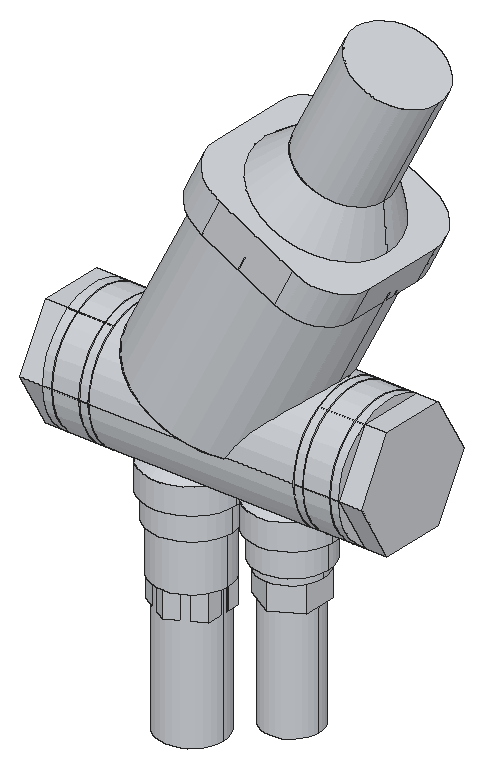
Revit family "Sigma_Compact_DN015 LF_s vyp_RFA_2018", category Pipe Accessories, Revit 2018
Family settings
  Round Connector Dimension = Use Diameter
  Part Type = Valve - Breaks Into
  Work Plane-Based = No
  Always vertical = Yes
  Cut with Voids When Loaded = No
  Shared = No
Parameters (values of type "Sigma Compact DN 15 LF s vypouštěním")
  magiProductId = "4da2706faa094394a6b47e72802cb6"
  magiProductFamilyId = "b36b5fd198d64ff2a1a242d49e26b9"
  magiPartTypeId = 304
  isMeasuringValve [instance] = no
  ang2D [instance] = 0.00°
  Z6 = 26.1 mm
  Z5 = 60.9 mm
  Z4 = 52.2 mm
  Z3 = 8.7 mm
  Z2 = 43.5 mm
  XR2 = 25 mm
  XR1 = 13 mm
  W2D = 15 mm
  VersionID = "2.0/2018.12.13.2/FRESE_SIGMA_PLUG_Q13_001"
  Use Minimum Symbol Size [instance] = no
  URL = "www.hydronic.cz"
  Type Comments = "závitový; vnitřní závit; PN25; max dp=400kPa; -10~+120°C; max uzavírací tlak 1MPa"
  R4 = 15 mm
  R3 = 10 mm
  R2 = 14 mm
  R1 = 19 mm
  QmdConnectorList = "301;D;302;D"
  Productdata [instance] = ""
  NL__ve = -NL  # -15 mm
  NL = 15 mm
  Manufacturer = "Hydronic Systems Prague s.r.o."
  MC Use Limits From Balancing Method = no
  MC Throttling Minimum Value = 0
  MC Throttling Maximum Value = 0
  MC Product Code = "53-2220 DN15 FF s měřením a vypouštěním; (40-900 l/h); kvs=2,6"
  MC Pressure Drop Minimum Value = 0.0 Pa
  MC Pressure Drop Maximum Value = 0.0 Pa
  MC Piping Given Pressure Drop [instance] = 0.0 Pa
  M5 = 32.5 mm
  M4 = 30.5 mm
  M3 = 24.5 mm
  M2 = 22.5 mm
  LP = 37.5 mm
  LM = 45 mm
  LL__ve = -LL  # -5.7 mm
  LLT__ve = -LLT  # -14.9 mm
  LLT = 14.9 mm
  LLL = 11 mm
  LL3 = 41 mm
  LL2 = 32 mm
  LL = 5.7 mm
  L3 = 11 mm
  L2D_Min = 30.48 mm
  L2D = 65 mm
  Description = "Automatický vyvažovací ventil"
  DR1 = yes
  DR0 = no
  DL2 = 66 mm
  D = 15 mm
  CenSd_R2_6 = R2 * cos(30.00°)  # 12.124 mm
  CAT0 = yes
  C0D1 = yes
  C0D0 = no
Types (3, lengths in mm): name | magiProductId | Z6 | Z5 | Z4 | Z3 | Z2 | R2 | NL__ve | NL | MC Product Code | M5 | M4 | M3 | M2 | LP | LM | LL__ve | LLT__ve | LLT | LL3 | LL2 | LL | DL2 | D | CenSd_R2_6
  Sigma Compact DN 15 LF s vypouštěním | "4da2706faa094394a6b47e72802cb6" | 26.1 | 60.9 | 52.2 | 8.7 | 43.5 | 14 | -15 | 15 | "53-2220 DN15 FF s měřením a vypouštěním; (40-900 l/h); kvs=2,6" | 32.5 | 30.5 | 24.5 | 22.5 | 37.5 | 45 | -5.7 | -14.9 | 14.9 | 41 | 32 | 5.7 | 66 | 15 | 12.124
  Sigma Compact DN 20 LF s vypouštěním | "4441b8ffc9524b918ae82076b70c18" | 26.1 | 60.9 | 52.2 | 8.7 | 43.5 | 14 | -15.8 | 15.8 | "53-2222 DN20 FF s měřením a vypouštěním; (86-1550 l/h); kvs=4,0" | 33.7 | 31.7 | 25.7 | 23.7 | 39.5 | 47.4 | -5.7 | -14.9 | 14.9 | 41 | 32 | 5.7 | 66 | 20 | 12.124
  Sigma Compact DN 25 LF s vypouštěním | "c12e4a96aaac41ec97144b6aa94874" | 27 | 63 | 54 | 9 | 45 | 18 | -16.6 | 16.6 | "53-2228 DN25 FF s měřením a vypouštěním; (95-2000 l/h); kvs=3,9" | 34.9 | 32.9 | 26.9 | 24.9 | 41.5 | 49.8 | -5.9 | -16.3 | 16.3 | 43 | 34 | 5.9 | 68 | 25 | 15.588
Reference planes
  plane 1 "Center (Front/Back)": y = 0
  plane 2 "XYPLANE": z = 0
  plane 3 "Center (Left/Right)": x = 0
  plane 4 "408": x = 37.5
  plane 5 "407": x = -37.5
  plane 6 "404": z = -35.3
  plane 7 "403": z = -41
  plane 8 "402": z = -66
  plane 9 "213": x = -11
  plane 10 "168": z = -10.9
  plane 11 "167": z = -12.9
  plane 12 "166": z = -18.6
  plane 13 "165": z = -24.3
  plane 14 "164": z = -26.3
  plane 15 "154": z = 0
  plane 16 "152": y = 0
  plane 17 "151": z = -32
  plane 18 "150": x = 11
  plane 19 "75": through (318.218, 0, 679.605) normal (0.891, 0, -0.454)
  plane 20 "74": x = 32.5
  plane 21 "73": x = 30.5
  plane 22 "72": x = 24.5
  plane 23 "71": x = 22.5
  plane 24 "70": x = -32.5
  plane 25 "69": x = -30.5
  plane 26 "68": x = -24.5
  plane 27 "67": y = 0
  plane 28 "66": through (-666.893, 0, 343.166) normal (0.454, 0, 0.891)
  plane 29 "65": x = -22.5
  plane 30 "64": through (335.147, 0, 670.979) normal (0.891, 0, -0.454)
  plane 31 "63": through (-648.506, 0, 379.252) normal (0.454, 0, 0.891)
  plane 32 "62": through (352.076, 0, 662.353) normal (0.891, 0, -0.454)
  plane 33 "61": y = 19
  plane 34 "60": y = -19
  plane 35 "59": through (-644.557, 0, 387.003) normal (0.454, 0, 0.891)
  plane 36 "58": through (-640.607, 0, 394.755) normal (0.454, 0, 0.891)
  plane 37 "56": x = 0
  plane 38 "55": through (-668.255, 0, 340.493) normal (0.454, 0, 0.891)
  plane 39 "102XY": through (-668.255, 0, 340.493) normal (0.454, 0, 0.891)
  plane 40 "102XZ": y = 0
  plane 41 "102YZ": through (340.493, 0, 668.255) normal (0.891, 0, -0.454)
Forms (mm)
  Extrusion 1, solid
    sketch origin (37.5, -750, 0) x (0, 1, 0) y (0, 0, 1)
      loop
        line (764, 0) -> (757, 12.124) -> (743, 12.124) -> (736, 0) -> (743, -12.124) -> (757, -12.124) -> (764, 0)
    from 0 to -15 <- "NL__ve"
  Extrusion 2, solid
    sketch origin (-37.5, -750, 0) x (0, 1, 0) y (0, 0, 1)
      loop
        line (736, 0) -> (743, -12.124) -> (757, -12.124) -> (764, 0) -> (757, 12.124) -> (743, 12.124) -> (736, 0)
    from 0 to 15 <- "NL"
  Extrusion 3, solid, visible <- "C0D1"
    sketch origin (-750, 0, -66) x (1, 0, 0) y (0, 1, 0)
      loop
        circle (739, 0) r 7
    from 0 to 50
  Extrusion 4, solid, visible <- "DR1"
    sketch origin (-750, 0, -35.3) x (1, 0, 0) y (0, 1, 0)
      loop
        line (739, -8) -> (745.928, -4) -> (745.928, 4) -> (739, 8) -> (732.072, 4) -> (732.072, -4) -> (739, -8)
    from 0 to -5.7 <- "LL__ve"
  Extrusion 5, solid, visible <- "DR1"
    sketch origin (-750, 0, -35.3) x (1, 0, 0) y (0, 1, 0)
      loop
        circle (739, 0) r 8
    from 0 to 11 <- "LLL"
  Extrusion 6, solid, visible <- "DR1"
    sketch origin (-750, 0, -24.3) x (1, 0, 0) y (0, 1, 0)
      loop
        circle (739, 0) r 9
    from 0 to 5.7 <- "LL"
  Extrusion 7, solid, visible <- "DR1"
    sketch origin (-750, 0, -18.6) x (1, 0, 0) y (0, 1, 0)
      loop
        circle (739, 0) r 10
    from 0 to 5.7 <- "LL"
  Blend 8, solid, visible <- "DR1"
    base sketch origin (-750, 0, -10.9) x (1, 0, 0) y (0, 1, 0)
      loop
        circle (739, 0) r 7.5
    top sketch origin (-750, 0, -10.9) x (1, 0, 0) y (0, 1, 0)
      loop
        circle (739, 0) r 10
    from 0 to -2
  Extrusion 9, solid, visible <- "DR1"
    sketch origin (-750, 0, 0) x (1, 0, 0) y (0, 1, 0)
      loop
        circle (739, 0) r 7.5
    from 0 to -14.9 <- "LLT__ve"
  Extrusion 10, solid, visible <- "C0D0"
    sketch origin (-750, 0, -32) x (1, 0, 0) y (0, 1, 0)
      loop
        circle (739, 0) r 6
    from 0 to -25
  Extrusion 11, solid, visible <- "DR0"
    sketch origin (-750, 0, -26.3) x (1, 0, 0) y (0, 1, 0)
      loop
        line (739, -7) -> (745.062, -3.5) -> (745.062, 3.5) -> (739, 7) -> (732.938, 3.5) -> (732.938, -3.5) -> (739, -7)
    from 0 to -5.7 <- "LL__ve"
  Extrusion 12, solid, visible <- "DR0"
    sketch origin (-750, 0, -26.3) x (1, 0, 0) y (0, 1, 0)
      loop
        circle (739, 0) r 7
    from 0 to 2
  Extrusion 13, solid, visible <- "DR0"
    sketch origin (-750, 0, -18.6) x (1, 0, 0) y (0, 1, 0)
      loop
        circle (739, 0) r 9
    from 0 to 5.7 <- "LL"
  Blend 14, solid, visible <- "DR0"
    base sketch origin (-750, 0, -10.9) x (1, 0, 0) y (0, 1, 0)
      loop
        circle (739, 0) r 6.5
    top sketch origin (-750, 0, -10.9) x (1, 0, 0) y (0, 1, 0)
      loop
        circle (739, 0) r 9
    from 0 to -2
  Extrusion 15, solid, visible <- "DR0"
    sketch origin (-750, 0, 0) x (1, 0, 0) y (0, 1, 0)
      loop
        circle (739, 0) r 6.5
    from 0 to -14.9 <- "LLT__ve"
  Extrusion 16, solid, visible <- "DR0"
    sketch origin (-750, 0, 0) x (1, 0, 0) y (0, 1, 0)
      loop
        circle (739, 0) r 6.5
    from 0 to -14.9 <- "LLT__ve"
  Blend 17, solid, visible <- "DR0"
    base sketch origin (-750, 0, -10.9) x (1, 0, 0) y (0, 1, 0)
      loop
        circle (739, 0) r 6.5
    top sketch origin (-750, 0, -10.9) x (1, 0, 0) y (0, 1, 0)
      loop
        circle (739, 0) r 9
    from 0 to -2
  Extrusion 18, solid, visible <- "DR0"
    sketch origin (-750, 0, -18.6) x (1, 0, 0) y (0, 1, 0)
      loop
        circle (739, 0) r 9
    from 0 to 5.7 <- "LL"
  Extrusion 19, solid, visible <- "DR0"
    sketch origin (-750, 0, -24.3) x (1, 0, 0) y (0, 1, 0)
      loop
        circle (739, 0) r 8
    from 0 to 5.7 <- "LL"
  Extrusion 20, solid, visible <- "DR0"
    sketch origin (-750, 0, -26.3) x (1, 0, 0) y (0, 1, 0)
      loop
        circle (739, 0) r 7
    from 0 to 2
  Extrusion 21, solid, visible <- "DR0"
    sketch origin (-750, 0, -26.3) x (1, 0, 0) y (0, 1, 0)
      loop
        line (739, -7) -> (745.062, -3.5) -> (745.062, 3.5) -> (739, 7) -> (732.938, 3.5) -> (732.938, -3.5) -> (739, -7)
    from 0 to -5.7 <- "LL__ve"
  Extrusion 22, solid, visible <- "C0D0"
    sketch origin (-750, 0, -32) x (1, 0, 0) y (0, 1, 0)
      loop
        circle (739, 0) r 6
    from 0 to -25
  Extrusion 23, solid, visible <- "CAT0"
    sketch origin (-750, 0, -32) x (1, 0, 0) y (0, 1, 0)
      loop
        circle (761, 0) r 6
    from 0 to -25
  Extrusion 24, solid
    sketch origin (-750, 0, -26.3) x (1, 0, 0) y (0, 1, 0)
      loop
        line (761, -7) -> (767.062, -3.5) -> (767.062, 3.5) -> (761, 7) -> (754.938, 3.5) -> (754.938, -3.5) -> (761, -7)
    from 0 to -5.7 <- "LL__ve"
  Extrusion 25, solid
    sketch origin (-750, 0, -26.3) x (1, 0, 0) y (0, 1, 0)
      loop
        circle (761, 0) r 7
    from 0 to 2
  Extrusion 26, solid
    sketch origin (-750, 0, -24.3) x (1, 0, 0) y (0, 1, 0)
      loop
        circle (761, 0) r 8
    from 0 to 5.7 <- "LL"
  Extrusion 27, solid
    sketch origin (-750, 0, -18.6) x (1, 0, 0) y (0, 1, 0)
      loop
        circle (761, 0) r 9
    from 0 to 5.7 <- "LL"
  Blend 28, solid
    base sketch origin (-750, 0, -10.9) x (1, 0, 0) y (0, 1, 0)
      loop
        circle (761, 0) r 6.5
    top sketch origin (-750, 0, -10.9) x (1, 0, 0) y (0, 1, 0)
      loop
        circle (761, 0) r 9
    from 0 to -2
  Extrusion 29, solid
    sketch origin (-750, 0, 0) x (1, 0, 0) y (0, 1, 0)
      loop
        circle (761, 0) r 6.5
    from 0 to -14.9 <- "LLT__ve"
  Blend 30, solid, visible <- "CAT0"
    base sketch origin (30.5, -750, 0) x (0, 1, 0) y (0, 0, 1)
      loop
        circle (750, 0) r 14
    top sketch origin (30.5, -750, 0) x (0, 1, 0) y (0, 0, 1)
      loop
        circle (750, 0) r 14
    from 0 to 2
  Extrusion 31, solid, visible <- "CAT0"
    sketch origin (24.5, -750, 0) x (0, 1, 0) y (0, 0, 1)
      loop
        circle (750, 0) r 14
    from 0 to 6
  Blend 32, solid, visible <- "CAT0"
    base sketch origin (22.5, -750, 0) x (0, 1, 0) y (0, 0, 1)
      loop
        circle (750, 0) r 14
    top sketch origin (22.5, -750, 0) x (0, 1, 0) y (0, 0, 1)
      loop
        circle (750, 0) r 14
    from 0 to 2
  Blend 33, solid, visible <- "CAT0"
    base sketch origin (-30.5, -750, 0) x (0, 1, 0) y (0, 0, 1)
      loop
        circle (750, 0) r 14
    top sketch origin (-30.5, -750, 0) x (0, 1, 0) y (0, 0, 1)
      loop
        circle (750, 0) r 14
    from 0 to -2
  Extrusion 34, solid, visible <- "CAT0"
    sketch origin (-30.5, -750, 0) x (0, 1, 0) y (0, 0, 1)
      loop
        circle (750, 0) r 14
    from 0 to 6
  Blend 35, solid, visible <- "CAT0"
    base sketch origin (-24.5, -750, 0) x (0, 1, 0) y (0, 0, 1)
      loop
        circle (750, 0) r 14
    top sketch origin (-24.5, -750, 0) x (0, 1, 0) y (0, 0, 1)
      loop
        circle (750, 0) r 14
    from 0 to 2
  Extrusion 36, solid, visible <- "CAT0"
    sketch origin (-22.5, -750, 0) x (0, 1, 0) y (0, 0, 1)
      loop
        circle (750, 0) r 14
    from 0 to 45 <- "LM"
  Extrusion 37, solid, visible <- "CAT0"
    sketch origin (-666.893, 0, 343.166) x (0.891007, 0, -0.45399) y (0, 1, 0)
      loop
        circle (744, 0) r 19
    from 0 to 43.5 <- "Z2"
  Extrusion 38, solid, visible <- "CAT0"
    sketch origin (-648.506, 0, 379.252) x (0.891007, 0, -0.45399) y (0, 1, 0)
      loop
        arc (735, 19) -> (727.929, 16.071) -> (725, 9) r 10
        line (725, 9) -> (725, -9)
        arc (725, -9) -> (727.929, -16.071) -> (735, -19) r 10
        line (735, -19) -> (753, -19)
        arc (753, -19) -> (760.071, -16.071) -> (763, -9) r 10
        line (763, -9) -> (763, 9)
        arc (763, 9) -> (760.071, 16.071) -> (753, 19) r 10
        line (753, 19) -> (735, 19)
    from 0 to 8.7 <- "Z3"
  Blend 39, solid, visible <- "CAT0"
    base sketch origin (-644.557, 0, 387.003) x (0.891007, 0, -0.45399) y (0, 1, 0)
      loop
        circle (744, 0) r 15
    top sketch origin (-644.557, 0, 387.003) x (0.891007, 0, -0.45399) y (0, 1, 0)
      loop
        circle (744, 0) r 10
    from 0 to 8.7
  Extrusion 40, solid, visible <- "CAT0"
    sketch origin (-640.607, 0, 394.755) x (0.891007, 0, -0.45399) y (0, 1, 0)
      loop
        circle (744, 0) r 10
    from 0 to 26.1 <- "Z6"
  Blend 41, solid, visible <- "CAT0"
    base sketch origin (-668.255, 0, 340.493) x (0.891007, 0, -0.45399) y (0, 1, 0)
      loop
        circle (744, 0) r 15
    top sketch origin (-668.255, 0, 340.493) x (0.891007, 0, -0.45399) y (0, 1, 0)
      loop
        circle (744, 0) r 19
    from 0 to 3
  Extrusion 42, solid, not visible
    sketch origin (-32.5, -750, 0) x (0, 1, 0) y (0, 0, 1)
      loop
        circle (750, 0) r 10
    from 0 to 10
  Extrusion 43, solid, not visible
    sketch origin (32.5, -750, 0) x (0, 1, 0) y (0, 0, 1)
      loop
        circle (750, 0) r 10
    from 0 to -10
Lines and regions (mm)
  reference lines, not visible
    curve 1: circle (2, 2, 0) r 1 normal (0, 0, 1)
  reference lines
    curve 2: line (37.5, 0, 0) -> (37.5, -3.5, 6.062)
    curve 3: line (37.5, 0, 0) -> (37.5, -7, 0)
    curve 4: line (37.5, 0, 0) -> (37.5, -3.5, -6.062)
    curve 5: line (-37.5, 0, 0) -> (-37.5, 3.5, 6.062)
    curve 6: line (-37.5, 0, 0) -> (-37.5, 7, 0)
    curve 7: line (-37.5, 0, 0) -> (-37.5, 3.5, -6.062)
Dimensions and locks
  plane 1 "Center (Front/Back)" to curve 1 = 2 mm
  "LP": plane 37 "56" to plane 4 "408"
  "LP": plane 37 "56" to plane 5 "407"
  "LL": plane 7 "403" to plane 6 "404"
  "LL3": plane 2 "XYPLANE" to plane 7 "403"
  "DL2": plane 2 "XYPLANE" to plane 8 "402"
  "L3": plane 3 "Center (Left/Right)" to plane 9 "213"
  locked: plane 11 "167" to plane 10 "168" at 2
  "LL": plane 12 "166" to plane 11 "167"
  "LL": plane 13 "165" to plane 12 "166"
  locked: plane 14 "164" to plane 13 "165" at 2
  "LL": plane 17 "151" to plane 14 "164"
  locked: plane 2 "XYPLANE" to plane 15 "154"
  locked: plane 1 "Center (Front/Back)" to plane 16 "152"
  "LL2": plane 2 "XYPLANE" to plane 17 "151"
  "L3": plane 3 "Center (Left/Right)" to plane 18 "150"
  "XR2": plane 41 "102YZ" to plane 19 "75"
  "M5": plane 3 "Center (Left/Right)" to plane 20 "74"
  "M4": plane 3 "Center (Left/Right)" to plane 21 "73"
  "M3": plane 3 "Center (Left/Right)" to plane 22 "72"
  "M2": plane 3 "Center (Left/Right)" to plane 23 "71"
  "M5": plane 3 "Center (Left/Right)" to plane 24 "70"
  "M4": plane 3 "Center (Left/Right)" to plane 25 "69"
  "M3": plane 3 "Center (Left/Right)" to plane 26 "68"
  locked: plane 16 "152" to plane 27 "67"
  locked: plane 39 "102XY" to plane 28 "66" at 3
  "M2": plane 3 "Center (Left/Right)" to plane 29 "65"
  locked: plane 41 "102YZ" to plane 30 "64" at 6
  "Z2": plane 39 "102XY" to plane 31 "63"
  "XR1": plane 41 "102YZ" to plane 32 "62"
  "R1": plane 16 "152" to plane 33 "61"
  "R1": plane 16 "152" to plane 34 "60"
  "Z4": plane 39 "102XY" to plane 35 "59"
  "Z5": plane 39 "102XY" to plane 36 "58"
  locked: plane 3 "Center (Left/Right)" to plane 37 "56"
  locked: plane 39 "102XY" to plane 38 "55"
  "CenSd_R2_6": curve 2 to Extrusion 1 sketch curve  (x2)
  "CenSd_R2_6": curve 3 to Extrusion 1 sketch curve  (x2)
  "CenSd_R2_6": curve 4 to Extrusion 1 sketch curve  (x2)
  Extrusion 1 sketch curve to Extrusion 1 sketch curve = 0 mm  (x12)
  "CenSd_R2_6": curve 5 to Extrusion 2 sketch curve  (x2)
  "CenSd_R2_6": curve 6 to Extrusion 2 sketch curve  (x2)
  "CenSd_R2_6": curve 7 to Extrusion 2 sketch curve  (x2)
  Extrusion 2 sketch curve to Extrusion 2 sketch curve = 0 mm  (x12)
  Extrusion 4 sketch curve to Extrusion 4 sketch curve = 0 mm  (x12)
  Extrusion 11 sketch curve to Extrusion 11 sketch curve = 0 mm  (x12)
  Extrusion 21 sketch curve to Extrusion 21 sketch curve = 0 mm  (x12)
  Extrusion 24 sketch curve to Extrusion 24 sketch curve = 0 mm  (x12)
  Extrusion 38 sketch curve to Extrusion 38 sketch curve = 0 mm  (x16)
  "R2": radius of Blend 30 sketch curve  (x2)
  "R2": radius of Extrusion 31 sketch curve
  "R2": radius of Blend 32 sketch curve  (x2)
  "R2": radius of Blend 33 sketch curve  (x2)
  "R2": radius of Extrusion 34 sketch curve
  "R2": radius of Blend 35 sketch curve  (x2)
  "R2": radius of Extrusion 36 sketch curve
  "R1": radius of Extrusion 37 sketch curve
  radius of Extrusion 38 sketch curve = 10 mm  (x4)
  "R3": radius of Blend 39 sketch curve
  "R4": radius of Blend 39 sketch curve
  "R3": radius of Extrusion 40 sketch curve
  "R1": radius of Blend 41 sketch curve
  locked: curve 3 to curve 2 (angle 60.00°)
  locked: curve 4 to curve 3 (angle 60.00°)
  locked: curve 4 to curve 2 (angle 120.00°)
  locked: curve 6 to curve 5 (angle 60.00°)
  locked: curve 7 to curve 6 (angle 60.00°)
  locked: curve 7 to curve 5 (angle 120.00°)
  aligned and locked: level to plane 2 "XYPLANE"
  aligned and locked: plane 15 "154" to curve 4
  aligned and locked: curve 4 to plane 16 "152"
  aligned and locked: plane 15 "154" to curve 7
  aligned and locked: curve 7 to plane 16 "152"
  aligned and locked: plane 9 "213" to Extrusion 3 sketch curve
  aligned and locked: plane 16 "152" to Extrusion 3 sketch curve
  aligned and locked: plane 9 "213" to Extrusion 5 sketch curve
  aligned and locked: plane 16 "152" to Extrusion 5 sketch curve
  aligned and locked: plane 9 "213" to Extrusion 6 sketch curve
  aligned and locked: plane 16 "152" to Extrusion 6 sketch curve
  aligned and locked: plane 9 "213" to Extrusion 7 sketch curve
  aligned and locked: plane 16 "152" to Extrusion 7 sketch curve
  aligned and locked: plane 9 "213" to Blend 8 sketch curve  (x2)
  aligned and locked: plane 16 "152" to Blend 8 sketch curve  (x2)
  aligned and locked: Blend 8 to plane 11 "167"
  aligned and locked: plane 9 "213" to Extrusion 9 sketch curve
  aligned and locked: plane 16 "152" to Extrusion 9 sketch curve
  aligned and locked: plane 9 "213" to Extrusion 10 sketch curve
  aligned and locked: plane 16 "152" to Extrusion 10 sketch curve
  aligned and locked: plane 9 "213" to Extrusion 12 sketch curve
  aligned and locked: plane 16 "152" to Extrusion 12 sketch curve
  aligned and locked: plane 9 "213" to Extrusion 13 sketch curve
  aligned and locked: plane 16 "152" to Extrusion 13 sketch curve
  aligned and locked: plane 9 "213" to Blend 14 sketch curve  (x2)
  aligned and locked: plane 16 "152" to Blend 14 sketch curve  (x2)
  aligned and locked: Blend 14 to plane 11 "167"
  aligned and locked: plane 9 "213" to Extrusion 15 sketch curve
  aligned and locked: plane 16 "152" to Extrusion 15 sketch curve
  aligned and locked: plane 9 "213" to Extrusion 16 sketch curve
  aligned and locked: plane 16 "152" to Extrusion 16 sketch curve
  aligned and locked: plane 9 "213" to Blend 17 sketch curve  (x2)
  aligned and locked: plane 16 "152" to Blend 17 sketch curve  (x2)
  aligned and locked: Blend 17 to plane 11 "167"
  aligned and locked: plane 9 "213" to Extrusion 18 sketch curve
  aligned and locked: plane 16 "152" to Extrusion 18 sketch curve
  aligned and locked: plane 9 "213" to Extrusion 19 sketch curve
  aligned and locked: plane 16 "152" to Extrusion 19 sketch curve
  aligned and locked: plane 9 "213" to Extrusion 20 sketch curve
  aligned and locked: plane 16 "152" to Extrusion 20 sketch curve
  aligned and locked: plane 9 "213" to Extrusion 22 sketch curve
  aligned and locked: plane 16 "152" to Extrusion 22 sketch curve
  aligned and locked: plane 16 "152" to Extrusion 23 sketch curve
  aligned and locked: plane 18 "150" to Extrusion 23 sketch curve
  aligned and locked: plane 16 "152" to Extrusion 25 sketch curve
  aligned and locked: plane 18 "150" to Extrusion 25 sketch curve
  aligned and locked: plane 16 "152" to Extrusion 26 sketch curve
  aligned and locked: plane 18 "150" to Extrusion 26 sketch curve
  aligned and locked: plane 16 "152" to Extrusion 27 sketch curve
  aligned and locked: plane 18 "150" to Extrusion 27 sketch curve
  aligned and locked: plane 16 "152" to Blend 28 sketch curve  (x2)
  aligned and locked: plane 18 "150" to Blend 28 sketch curve  (x2)
  aligned and locked: Blend 28 to plane 11 "167"
  aligned and locked: plane 16 "152" to Extrusion 29 sketch curve
  aligned and locked: plane 18 "150" to Extrusion 29 sketch curve
  aligned and locked: plane 15 "154" to Blend 30 sketch curve  (x2)
  aligned and locked: Blend 30 sketch curve to plane 16 "152"  (x2)
  aligned and locked: plane 20 "74" to Blend 30
  aligned and locked: plane 15 "154" to Extrusion 31 sketch curve
  aligned and locked: Extrusion 31 sketch curve to plane 16 "152"
  aligned and locked: plane 15 "154" to Blend 32 sketch curve  (x2)
  aligned and locked: Blend 32 sketch curve to plane 16 "152"  (x2)
  aligned and locked: plane 22 "72" to Blend 32
  aligned and locked: plane 15 "154" to Blend 33 sketch curve  (x2)
  aligned and locked: Blend 33 sketch curve to plane 16 "152"  (x2)
  aligned and locked: Blend 33 to plane 24 "70"
  aligned and locked: plane 15 "154" to Extrusion 34 sketch curve
  aligned and locked: Extrusion 34 sketch curve to plane 16 "152"
  aligned and locked: plane 15 "154" to Blend 35 sketch curve  (x2)
  aligned and locked: Blend 35 sketch curve to plane 16 "152"  (x2)
  aligned and locked: plane 29 "65" to Blend 35
  aligned and locked: plane 15 "154" to Extrusion 36 sketch curve
  aligned and locked: Extrusion 36 sketch curve to plane 16 "152"
  aligned and locked: plane 27 "67" to Extrusion 37 sketch curve
  aligned and locked: Extrusion 37 sketch curve to plane 30 "64"
  aligned and locked: Extrusion 38 sketch curve to plane 19 "75"
  aligned and locked: Extrusion 38 sketch curve to plane 34 "60"
  aligned and locked: Extrusion 38 sketch curve to plane 32 "62"
  aligned and locked: plane 33 "61" to Extrusion 38 sketch curve
  aligned and locked: plane 27 "67" to Blend 39 sketch curve  (x2)
  aligned and locked: Blend 39 sketch curve to plane 30 "64"  (x2)
  aligned and locked: plane 36 "58" to Blend 39
  aligned and locked: plane 27 "67" to Extrusion 40 sketch curve
  aligned and locked: Extrusion 40 sketch curve to plane 30 "64"
  aligned and locked: plane 27 "67" to Blend 41 sketch curve  (x2)
  aligned and locked: Blend 41 sketch curve to plane 30 "64"  (x2)
  aligned and locked: plane 28 "66" to Blend 41
  aligned and locked: plane 15 "154" to Extrusion 42 sketch curve
  aligned and locked: Extrusion 42 sketch curve to plane 16 "152"
  aligned and locked: plane 15 "154" to Extrusion 43 sketch curve
  aligned and locked: Extrusion 43 sketch curve to plane 16 "152"
Automatic sketch dimensions
  plane 29 "65" to Extrusion 3 sketch curve = 4.5 mm
  Extrusion 4 sketch curve to plane 9 "213" = 0 mm  (x2)
  plane 29 "65" to Extrusion 4 sketch curve = 4.572 mm
  Extrusion 4 sketch curve to plane 3 "Center (Left/Right)" = 4.072 mm
  plane 1 "Center (Front/Back)" to Extrusion 4 sketch curve = 8 mm
  plane 1 "Center (Front/Back)" to Extrusion 4 sketch curve = 4 mm  (x2)
  Extrusion 4 sketch curve to plane 1 "Center (Front/Back)" = 4 mm  (x2)
  Extrusion 4 sketch curve to Extrusion 4 sketch curve = 4 mm
  plane 29 "65" to Extrusion 5 sketch curve = 3.5 mm
  plane 29 "65" to Extrusion 6 sketch curve = 2.5 mm
  plane 29 "65" to Extrusion 7 sketch curve = 1.5 mm
  plane 29 "65" to Blend 8 sketch curve = 4 mm
  plane 29 "65" to Blend 8 sketch curve = 1.5 mm
  plane 29 "65" to Extrusion 9 sketch curve = 4 mm
  plane 29 "65" to Extrusion 10 sketch curve = 5.5 mm
  Extrusion 11 sketch curve to plane 9 "213" = 0 mm  (x2)
  plane 29 "65" to Extrusion 11 sketch curve = 5.438 mm
  Extrusion 11 sketch curve to plane 3 "Center (Left/Right)" = 4.938 mm
  plane 1 "Center (Front/Back)" to Extrusion 11 sketch curve = 7 mm
  plane 1 "Center (Front/Back)" to Extrusion 11 sketch curve = 3.5 mm  (x2)
  Extrusion 11 sketch curve to plane 1 "Center (Front/Back)" = 3.5 mm  (x2)
  Extrusion 11 sketch curve to Extrusion 11 sketch curve = 3.5 mm
  plane 29 "65" to Extrusion 12 sketch curve = 4.5 mm
  plane 29 "65" to Extrusion 13 sketch curve = 2.5 mm
  plane 29 "65" to Blend 14 sketch curve = 5 mm
  plane 29 "65" to Blend 14 sketch curve = 2.5 mm
  plane 29 "65" to Extrusion 15 sketch curve = 5 mm
  plane 29 "65" to Extrusion 16 sketch curve = 5 mm
  plane 29 "65" to Blend 17 sketch curve = 5 mm
  plane 29 "65" to Blend 17 sketch curve = 2.5 mm
  plane 29 "65" to Extrusion 18 sketch curve = 2.5 mm
  plane 29 "65" to Extrusion 19 sketch curve = 3.5 mm
  plane 29 "65" to Extrusion 20 sketch curve = 4.5 mm
  Extrusion 21 sketch curve to plane 9 "213" = 0 mm  (x2)
  plane 29 "65" to Extrusion 21 sketch curve = 5.438 mm
  Extrusion 21 sketch curve to plane 3 "Center (Left/Right)" = 4.938 mm
  plane 1 "Center (Front/Back)" to Extrusion 21 sketch curve = 7 mm
  plane 1 "Center (Front/Back)" to Extrusion 21 sketch curve = 3.5 mm  (x2)
  Extrusion 21 sketch curve to plane 1 "Center (Front/Back)" = 3.5 mm  (x2)
  Extrusion 21 sketch curve to Extrusion 21 sketch curve = 3.5 mm
  plane 29 "65" to Extrusion 22 sketch curve = 5.5 mm
  plane 3 "Center (Left/Right)" to Extrusion 23 sketch curve = 5 mm
  Extrusion 24 sketch curve to plane 18 "150" = 0 mm  (x2)
  plane 3 "Center (Left/Right)" to Extrusion 24 sketch curve = 4.938 mm
  Extrusion 24 sketch curve to plane 23 "71" = 5.438 mm
  plane 1 "Center (Front/Back)" to Extrusion 24 sketch curve = 7 mm
  plane 1 "Center (Front/Back)" to Extrusion 24 sketch curve = 3.5 mm  (x2)
  Extrusion 24 sketch curve to plane 1 "Center (Front/Back)" = 3.5 mm  (x2)
  Extrusion 24 sketch curve to Extrusion 24 sketch curve = 3.5 mm
  plane 3 "Center (Left/Right)" to Extrusion 25 sketch curve = 4 mm
  plane 3 "Center (Left/Right)" to Extrusion 26 sketch curve = 3 mm
  plane 3 "Center (Left/Right)" to Extrusion 27 sketch curve = 2 mm
  plane 3 "Center (Left/Right)" to Blend 28 sketch curve = 4.5 mm
  plane 3 "Center (Left/Right)" to Blend 28 sketch curve = 2 mm
  plane 3 "Center (Left/Right)" to Extrusion 29 sketch curve = 4.5 mm
  plane 19 "75" to Blend 41 sketch curve = 4 mm
  plane 34 "60" to Extrusion 42 sketch curve = 9 mm
  plane 34 "60" to Extrusion 43 sketch curve = 9 mm
  plane 3 "Center (Left/Right)" to curve 1 = 2 mm
  radius of curve 1 = 1 mm
Connectors
  piping at (-32.5, 0, 0), diameter 15, driven by "D"
    settings: on Extrusion 42, index 1, connector inside diameter 609.6 mm, connector length 0 mm, flow factor 0, pipe flow 0.0 L/s, pressure drop 0.0 Pa, fitting loss kfactor 0, connector angle 0.00°, fixture units 0, engagement length 0 mm, angle of deflection 0.00°, flow configuration 0, flow direction 0, fitting loss method 0, system type 29, joint type 0, gender type 0, connector reference index 2, connector utility 0, adjustable connector no, is connector primary yes, connector description ""
  piping at (32.5, 0, 0), diameter 15, driven by "D"
    settings: on Extrusion 43, index 2, connector inside diameter 609.6 mm, connector length 0 mm, flow factor 0, pipe flow 0.0 L/s, pressure drop 0.0 Pa, fitting loss kfactor 0, connector angle 0.00°, fixture units 0, engagement length 0 mm, angle of deflection 0.00°, flow configuration 0, flow direction 0, fitting loss method 0, system type 29, joint type 0, gender type 0, connector reference index 1, connector utility 0, adjustable connector no, is connector primary no, connector description ""
